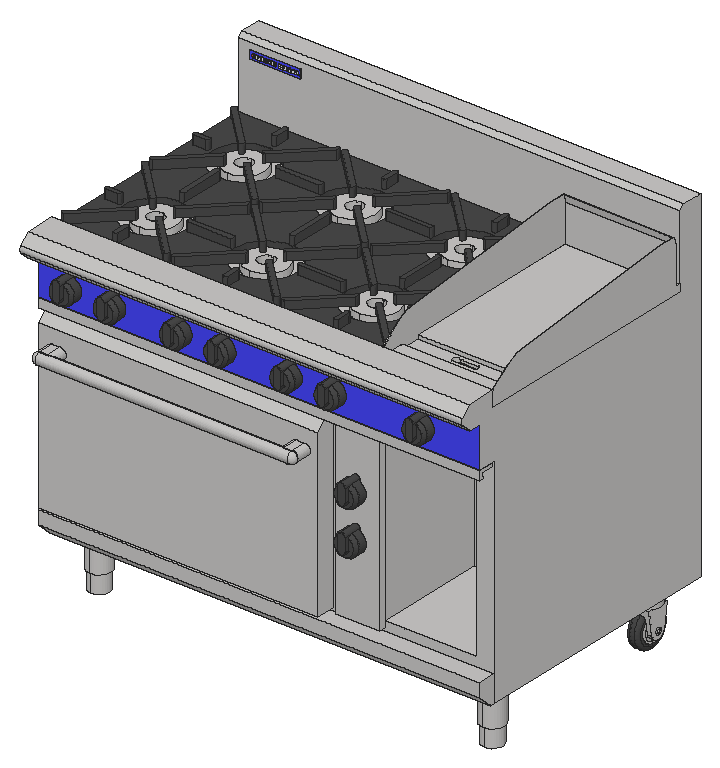
Revit family "QF_MOFFAT_BLUESEAL_CE_GE508C", category Specialty Equipment, Revit 2012 (continued)
Lines and regions (mm)
  symbolic lines
    curve 100: line (936.836, -45.185, 0) -> (1164.794, -45.185, 0)
    curve 101: arc (1164.794, -45.185, 0) -> (1173.455, -40.185, 0) -> (1173.455, -30.185, 0) r 10
    curve 102: line (1173.455, -30.185, 0) -> (1169.413, -23.185, 0)
    curve 103: arc (1169.413, -23.185, 0) -> (1165.753, -19.525, 0) -> (1160.753, -18.185, 0) r 10
    curve 104: line (632.794, -18.185, 0) -> (860.753, -18.185, 0)
    curve 105: arc (860.753, -18.185, 0) -> (865.753, -19.525, 0) -> (869.413, -23.185, 0) r 10
    curve 106: line (869.413, -23.185, 0) -> (873.455, -30.185, 0)
    curve 107: arc (873.455, -30.185, 0) -> (873.455, -40.185, 0) -> (864.794, -45.185, 0) r 10
    curve 108: line (864.794, -45.185, 0) -> (636.836, -45.185, 0)
    curve 109: arc (636.836, -45.185, 0) -> (631.836, -43.845, 0) -> (628.176, -40.185, 0) r 10
    curve 110: line (628.176, -40.185, 0) -> (624.134, -33.185, 0)
    curve 111: arc (624.134, -33.185, 0) -> (624.134, -23.185, 0) -> (632.794, -18.185, 0) r 10
    curve 112: line (332.794, -18.185, 0) -> (560.753, -18.185, 0)
    curve 113: arc (560.753, -18.185, 0) -> (565.753, -19.525, 0) -> (569.413, -23.185, 0) r 10
    curve 114: line (569.413, -23.185, 0) -> (573.455, -30.185, 0)
    curve 115: arc (573.455, -30.185, 0) -> (573.455, -40.185, 0) -> (564.794, -45.185, 0) r 10
    curve 116: line (564.794, -45.185, 0) -> (336.836, -45.185, 0)
    curve 117: arc (336.836, -45.185, 0) -> (331.836, -43.845, 0) -> (328.176, -40.185, 0) r 10
    curve 118: line (328.176, -40.185, 0) -> (324.134, -33.185, 0)
    curve 119: arc (324.134, -33.185, 0) -> (324.134, -23.185, 0) -> (332.794, -18.185, 0) r 10
    curve 120: line (260.753, -18.185, 0) -> (32.794, -18.185, 0)
    curve 121: arc (32.794, -18.185, 0) -> (24.134, -23.185, 0) -> (24.134, -33.185, 0) r 10
    curve 122: line (24.134, -33.185, 0) -> (28.176, -40.185, 0)
    curve 123: arc (28.176, -40.185, 0) -> (31.836, -43.845, 0) -> (36.836, -45.185, 0) r 10
    curve 124: line (36.836, -45.185, 0) -> (264.794, -45.185, 0)
    curve 125: arc (264.794, -45.185, 0) -> (273.455, -40.185, 0) -> (273.455, -30.185, 0) r 10
    curve 126: line (273.455, -30.185, 0) -> (269.413, -23.185, 0)
    curve 127: arc (269.413, -23.185, 0) -> (265.753, -19.525, 0) -> (260.753, -18.185, 0) r 10
    curve 128: line (0, -57.5, 0) -> (1200, -57.5, 0)
    curve 129: line (0, -783.97, 0) -> (1200, -783.97, 0)
  symbolic lines, style "QF_Door-Drawer Clearances", visible <- "Show Clearance"
    curve 65: line (0, -1218.847, 0) -> (760, -1218.847, 0)
    curve 66: line (760, -1218.847, 0) -> (760, -812, 0)
    curve 67: line (0, -1218.847, 0) -> (0, -812, 0)
Dimensions and locks
  equal spacing: plane 3 "LEFT", plane 7 "Center Y", plane 4 "RIGHT"
  "Width": plane 3 "LEFT" to plane 4 "RIGHT"
  equal spacing: plane 5 "FRONT", plane 8 "Center X", plane 1 "BACK"
  plane 5 "FRONT" to plane 1 "BACK" = 812 mm  (x2)
  equal spacing: plane 4 "RIGHT", plane 7 "Center Y", plane 3 "LEFT"
  plane 4 "RIGHT" to plane 3 "LEFT" = 1200 mm
  "Height": plane 6 "TOP" to level
  plane 10 to plane 1 "BACK" = 574.272 mm
  plane 12 to plane 1 "BACK" = 304.972 mm  (x2)
  plane 11 to plane 3 "LEFT" = 60 mm
  plane 14 to plane 3 "LEFT" = 74 mm
  plane 9 to plane 3 "LEFT" = 280 mm
  "Depth": plane 1 "BACK" to plane 15
  plane 5 "FRONT" to plane 15 = 0 mm
  plane 6 "TOP" to plane 2 = 970 mm
  plane 2 to Extrusion 1 sketch curve = 875 mm
  locked: plane 2 to Extrusion 1 sketch curve at 915
  locked: plane 4 "RIGHT" to plane 16 at 65.5
  Extrusion 8 sketch curve to plane 20 = 64.8 mm
  Extrusion 31 sketch curve to plane 4 "RIGHT" = 374 mm
  Extrusion 31 sketch curve to plane 1 "BACK" = 501 mm
  plane 21 to level = 1085 mm
  Revolve 35 sketch curve to Revolve 35 sketch curve = 50.8 mm
  Revolve 39 sketch curve to Revolve 39 sketch curve = 50.8 mm
  aligned and locked: level to plane 2
  aligned and locked: curve 3 to plane 4 "RIGHT"
  aligned and locked: Extrusion 1 to plane 4 "RIGHT"
  aligned and locked: plane 16 to Revolve 4
  aligned and locked: Extrusion 26 to Extrusion 2
Automatic sketch dimensions
  curve 22 to curve 23 = 0 mm  (x2)
  curve 22 to curve 68 = 0 mm  (x2)
  curve 22 to curve 69 = 0 mm  (x2)
  curve 22 to curve 84 = 0 mm  (x2)
  curve 22 to curve 85 = 0 mm  (x2)
  curve 23 to curve 68 = 0 mm  (x2)
  curve 23 to curve 69 = 0 mm  (x2)
  curve 23 to curve 84 = 0 mm  (x2)
  curve 23 to curve 85 = 0 mm  (x2)
  curve 24 to curve 25 = 0 mm  (x2)
  curve 24 to curve 90 = 0 mm  (x2)
  curve 24 to curve 91 = 0 mm  (x2)
  curve 25 to curve 90 = 0 mm  (x2)
  curve 25 to curve 91 = 0 mm  (x2)
  curve 31 to curve 32 = 0 mm  (x2)
  curve 31 to curve 70 = 0 mm  (x2)
  curve 31 to curve 71 = 0 mm  (x2)
  curve 31 to curve 86 = 0 mm  (x2)
  curve 31 to curve 87 = 0 mm  (x2)
  curve 32 to curve 70 = 0 mm  (x2)
  curve 32 to curve 71 = 0 mm  (x2)
  curve 32 to curve 86 = 0 mm  (x2)
  curve 32 to curve 87 = 0 mm  (x2)
  curve 33 to curve 34 = 0 mm  (x2)
  curve 33 to curve 76 = 0 mm  (x2)
  curve 33 to curve 77 = 0 mm  (x2)
  curve 33 to curve 88 = 0 mm  (x2)
  curve 33 to curve 89 = 0 mm  (x2)
  curve 34 to curve 76 = 0 mm  (x2)
  curve 34 to curve 77 = 0 mm  (x2)
  curve 34 to curve 88 = 0 mm  (x2)
  curve 34 to curve 89 = 0 mm  (x2)
  curve 61 to curve 62 = 0 mm  (x2)
  curve 61 to curve 92 = 0 mm  (x2)
  curve 61 to curve 93 = 0 mm  (x2)
  curve 62 to curve 92 = 0 mm  (x2)
  curve 62 to curve 93 = 0 mm  (x2)
  curve 63 to curve 64 = 0 mm  (x2)
  curve 63 to curve 94 = 0 mm  (x2)
  curve 63 to curve 95 = 0 mm  (x2)
  curve 64 to curve 94 = 0 mm  (x2)
  curve 64 to curve 95 = 0 mm  (x2)
  curve 68 to curve 69 = 0 mm  (x2)
  curve 68 to curve 84 = 0 mm  (x2)
  curve 68 to curve 85 = 0 mm  (x2)
  curve 69 to curve 84 = 0 mm  (x2)
  curve 69 to curve 85 = 0 mm  (x2)
  curve 70 to curve 71 = 0 mm  (x2)
  curve 70 to curve 86 = 0 mm  (x2)
  curve 70 to curve 87 = 0 mm  (x2)
  curve 71 to curve 86 = 0 mm  (x2)
  curve 71 to curve 87 = 0 mm  (x2)
  curve 72 to curve 73 = 0 mm  (x2)
  curve 74 to curve 75 = 0 mm  (x2)
  curve 76 to curve 77 = 0 mm  (x2)
  curve 76 to curve 88 = 0 mm  (x2)
  curve 76 to curve 89 = 0 mm  (x2)
  curve 77 to curve 88 = 0 mm  (x2)
  curve 77 to curve 89 = 0 mm  (x2)
  curve 78 to curve 79 = 0 mm  (x2)
  curve 84 to curve 85 = 0 mm  (x2)
  curve 86 to curve 87 = 0 mm  (x2)
  curve 88 to curve 89 = 0 mm  (x2)
  curve 90 to curve 91 = 0 mm  (x2)
  curve 92 to curve 93 = 0 mm  (x2)
  curve 94 to curve 95 = 0 mm  (x2)
  plane 1 "BACK" to curve 1 = 0 mm
  curve 1 to plane 3 "LEFT" = 0 mm
  plane 5 "FRONT" to curve 9 = 0 mm
  plane 22 to curve 80 = 0 mm
  curve 82 to plane 7 "Center Y" = 0 mm
  plane 3 "LEFT" to curve 12 = 6.08 mm
  plane 3 "LEFT" to curve 18 = 6.08 mm
  plane 3 "LEFT" to curve 14 = 6.83 mm
  plane 3 "LEFT" to curve 20 = 9.883 mm
  plane 3 "LEFT" to curve 60 = 14.678 mm
  plane 3 "LEFT" to curve 59 = 14.678 mm
  plane 3 "LEFT" to curve 9 = 22.65 mm
  curve 122 to plane 17 = 1.185 mm
  plane 3 "LEFT" to curve 122 = 24.134 mm
  curve 122 to plane 17 = 8.185 mm
  curve 121 to curve 122 = 4.041 mm
  plane 17 to curve 121 = 3.815 mm
  curve 121 to curve 121 = 8.66 mm
  curve 123 to plane 17 = 3.185 mm
  curve 121 to curve 123 = 4.041 mm
  curve 10 to plane 11 = 11.111 mm
  curve 59 to plane 11 = 10.322 mm
  curve 60 to plane 11 = 10.322 mm
  curve 9 to plane 11 = 9.192 mm
  plane 14 to curve 14 = 47.515 mm
  plane 10 to curve 20 = 8.826 mm
  plane 14 to curve 20 = 47.515 mm
  plane 14 to curve 12 = 47.515 mm
  plane 14 to curve 18 = 47.515 mm
  plane 14 to curve 53 = 75.197 mm
  curve 54 to plane 22 = 30.193 mm
  plane 14 to curve 54 = 75.197 mm
  curve 48 to plane 12 = 20.285 mm
  curve 14 to curve 48 = 28.103 mm
  curve 53 to curve 22 = 0.803 mm
  curve 24 to plane 10 = 20.228 mm
  curve 54 to curve 24 = 0.803 mm
  curve 72 to curve 24 = 0 mm
  plane 10 to curve 21 = 8.826 mm
  curve 90 to curve 21 = 28.485 mm
  curve 84 to curve 13 = 28.485 mm
  plane 12 to curve 15 = 39.794 mm
  curve 84 to curve 15 = 28.485 mm
  curve 90 to curve 19 = 28.485 mm
  curve 16 to plane 9 = 42.22 mm
  curve 17 to plane 9 = 42.22 mm
  curve 120 to plane 9 = 19.247 mm
  curve 124 to plane 9 = 15.206 mm
  curve 127 to curve 127 = 8.66 mm
  plane 17 to curve 125 = 1.815 mm
  curve 125 to plane 9 = 6.545 mm
  plane 9 to curve 21 = 11.622 mm
  plane 9 to curve 15 = 12.516 mm
  plane 9 to curve 13 = 13.92 mm
  plane 9 to curve 19 = 13.92 mm
  plane 9 to curve 80 = 20.232 mm
  plane 8 "Center X" to curve 40 = 7.845 mm
  curve 19 to curve 40 = 12.16 mm
  curve 13 to curve 26 = 12.16 mm
  curve 15 to curve 28 = 14.753 mm
  curve 21 to curve 42 = 16.756 mm
  curve 118 to plane 17 = 1.185 mm
  plane 9 to curve 118 = 44.134 mm
  curve 118 to plane 17 = 8.185 mm
  curve 118 to curve 118 = 4.041 mm
  plane 17 to curve 112 = 13.815 mm
  curve 119 to curve 112 = 8.66 mm
  curve 117 to curve 116 = 8.66 mm
  plane 9 to curve 16 = 82.78 mm
  plane 10 to curve 17 = 36.462 mm
  plane 9 to curve 17 = 82.78 mm
  plane 12 to curve 28 = 39.794 mm
  curve 16 to curve 28 = 58.735 mm
  curve 26 to curve 28 = 0 mm
  plane 10 to curve 42 = 8.826 mm
  curve 17 to curve 42 = 58.735 mm
  plane 10 to curve 40 = 64.183 mm
  curve 40 to curve 42 = 0 mm
  curve 26 to curve 55 = 27.682 mm
  curve 56 to plane 22 = 30.193 mm
  curve 42 to curve 56 = 27.682 mm
  curve 40 to curve 49 = 28.103 mm
  curve 40 to curve 61 = 28.485 mm
  curve 26 to curve 31 = 28.485 mm
  curve 49 to curve 75 = 0.382 mm
  plane 10 to curve 43 = 8.826 mm
  curve 92 to curve 43 = 28.485 mm
  curve 92 to curve 41 = 28.485 mm
  curve 86 to curve 27 = 28.485 mm
  plane 12 to curve 29 = 39.794 mm
  curve 86 to curve 29 = 28.485 mm
  curve 51 to plane 7 "Center Y" = 62.22 mm
  curve 30 to plane 7 "Center Y" = 62.22 mm
  plane 17 to curve 113 = 3.815 mm
  curve 113 to plane 7 "Center Y" = 39.247 mm
  curve 113 to curve 116 = 4.041 mm
  plane 17 to curve 113 = 8.815 mm
  plane 17 to curve 114 = 1.815 mm
  curve 113 to curve 114 = 4.041 mm
  curve 29 to plane 7 "Center Y" = 7.327 mm
  curve 43 to plane 7 "Center Y" = 6.445 mm
  curve 41 to plane 7 "Center Y" = 6.08 mm
  curve 27 to plane 7 "Center Y" = 6.08 mm
  plane 7 "Center Y" to curve 35 = 6.08 mm
  plane 7 "Center Y" to curve 44 = 6.08 mm
  plane 7 "Center Y" to curve 46 = 7.19 mm
  plane 7 "Center Y" to curve 37 = 7.348 mm
  curve 111 to plane 17 = 1.185 mm
  plane 7 "Center Y" to curve 111 = 24.134 mm
  curve 111 to curve 109 = 4.041 mm  (x2)
  plane 17 to curve 111 = 3.815 mm
  curve 111 to curve 111 = 8.66 mm
  curve 109 to plane 17 = 3.185 mm
  plane 7 "Center Y" to curve 30 = 62.78 mm
  plane 7 "Center Y" to curve 51 = 62.78 mm
  plane 5 "FRONT" to curve 11 = 14.544 mm
  plane 7 "Center Y" to curve 11 = 118.108 mm
  curve 51 to curve 44 = 58.735 mm
  plane 12 to curve 37 = 39.794 mm
  curve 30 to curve 37 = 58.735 mm
  curve 35 to curve 37 = 0 mm
  plane 10 to curve 46 = 8.826 mm
  curve 46 to curve 44 = 0 mm
  curve 10 to curve 11 = 25.191 mm
  curve 35 to curve 57 = 27.682 mm
  curve 46 to curve 58 = 27.682 mm
  curve 44 to curve 50 = 28.103 mm
  curve 44 to curve 78 = 28.485 mm
  curve 57 to curve 34 = 0.803 mm
  curve 94 to curve 78 = 0 mm
  curve 11 to curve 66 = 16.7 mm
  plane 10 to curve 47 = 8.826 mm
  curve 94 to curve 47 = 28.485 mm
  curve 88 to curve 36 = 28.485 mm
  plane 12 to curve 38 = 39.794 mm
  curve 88 to curve 38 = 28.485 mm
  plane 10 to curve 45 = 64.183 mm
  curve 95 to curve 45 = 28.485 mm
  curve 38 to curve 39 = 59.295 mm
  curve 47 to curve 52 = 59.295 mm
  curve 57 to curve 104 = 111.556 mm
  curve 107 to plane 17 = 3.185 mm
  curve 105 to curve 107 = 4.041 mm
  plane 17 to curve 106 = 8.815 mm
  curve 105 to curve 106 = 8.66 mm
  plane 17 to curve 106 = 1.815 mm
  curve 105 to curve 106 = 4.041 mm
  curve 47 to plane 22 = 24.95 mm
  curve 58 to curve 47 = 143.891 mm
  curve 38 to plane 13 = 15.641 mm
  curve 39 to curve 38 = 56.14 mm
  curve 36 to plane 17 = 62.387 mm
  curve 107 to curve 36 = 29.126 mm
  plane 8 "Center X" to curve 45 = 7.845 mm
  curve 45 to curve 38 = 0 mm
  curve 39 to curve 39 = 58.527 mm
  curve 52 to curve 52 = 58.637 mm
  curve 36 to curve 83 = 6.08 mm
  curve 98 to plane 17 = 1.185 mm
  curve 83 to curve 98 = 24.134 mm
  curve 97 to curve 99 = 4.041 mm  (x2)
  curve 97 to curve 97 = 8.66 mm
  curve 99 to plane 17 = 3.185 mm
  plane 17 to curve 96 = 13.815 mm
  plane 16 to curve 96 = 26.253 mm
  curve 103 to curve 101 = 4.041 mm
  plane 17 to curve 102 = 8.815 mm
  curve 103 to curve 102 = 8.66 mm
  plane 17 to curve 101 = 1.815 mm
  curve 102 to curve 101 = 4.041 mm
  curve 67 to curve 9 = 392.303 mm
  curve 129 to plane 5 "FRONT" = 28.03 mm
  plane 22 to curve 6 = 3.3 mm
  curve 43 to plane 22 = 24.484 mm
  curve 43 to curve 46 = 0.745 mm
  curve 21 to plane 22 = 26.417 mm
  curve 21 to curve 42 = 0 mm
  curve 20 to plane 22 = 27.922 mm
  curve 58 to plane 22 = 30.193 mm
  curve 58 to curve 58 = 40 mm
  curve 56 to curve 56 = 40 mm
  curve 54 to curve 54 = 40 mm
  curve 56 to curve 74 = 12.039 mm
  curve 54 to curve 73 = 12.039 mm
  curve 58 to curve 78 = 12.039 mm
  curve 64 to plane 10 = 20.228 mm
  curve 62 to plane 10 = 20.228 mm
  plane 10 to curve 90 = 14.772 mm
  plane 10 to curve 92 = 14.772 mm
  plane 10 to curve 94 = 14.772 mm
  plane 10 to curve 51 = 36.462 mm
  plane 10 to curve 52 = 36.462 mm
  curve 90 to curve 73 = 21.732 mm
  curve 95 to curve 78 = 21.732 mm
  curve 92 to curve 74 = 21.732 mm
  curve 78 to curve 95 = 0.268 mm
  curve 74 to curve 61 = 0.268 mm
  curve 72 to curve 24 = 0.268 mm
  plane 10 to curve 60 = 37.763 mm
  curve 91 to curve 18 = 5.411 mm
  curve 95 to curve 44 = 5.411 mm
  curve 92 to curve 41 = 5.411 mm
  curve 90 to curve 19 = 5.411 mm
  curve 73 to curve 48 = 2.51 mm
  curve 79 to curve 50 = 2.51 mm
  curve 75 to curve 49 = 2.51 mm
  plane 8 "Center X" to curve 18 = 7.845 mm
  plane 8 "Center X" to curve 41 = 7.845 mm
  plane 8 "Center X" to curve 19 = 7.845 mm
  plane 8 "Center X" to curve 44 = 7.845 mm
  curve 18 to curve 81 = 7.846 mm
  curve 81 to curve 14 = 10.445 mm
  curve 28 to plane 13 = 14.452 mm
  curve 29 to plane 13 = 14.394 mm
  curve 37 to plane 13 = 14.373 mm
  curve 15 to plane 13 = 14.238 mm
  curve 50 to plane 12 = 20.285 mm
  curve 49 to plane 12 = 20.285 mm
  curve 49 to curve 71 = 2.758 mm
  curve 48 to curve 69 = 2.758 mm
  curve 50 to curve 76 = 2.758 mm
  plane 12 to curve 23 = 10.472 mm
  plane 12 to curve 34 = 10.472 mm
  plane 12 to curve 32 = 10.472 mm
  plane 12 to curve 14 = 39.794 mm
  curve 14 to curve 85 = 5.678 mm
  curve 29 to curve 87 = 5.678 mm
  curve 37 to curve 89 = 5.678 mm
  plane 12 to curve 39 = 67.162 mm
  curve 37 to curve 30 = 27.368 mm
  curve 15 to curve 16 = 27.368 mm
  curve 88 to curve 89 = 22 mm
  curve 86 to curve 32 = 22 mm
  curve 84 to curve 68 = 22 mm
  plane 12 to curve 59 = 68.463 mm
  curve 86 to curve 27 = 5.678 mm
  curve 84 to curve 13 = 5.678 mm
  curve 89 to curve 35 = 5.678 mm
  curve 88 to curve 36 = 5.678 mm
  curve 85 to curve 12 = 5.678 mm
  curve 87 to curve 26 = 5.678 mm
  curve 77 to curve 57 = 12.693 mm
  curve 71 to curve 55 = 12.693 mm
  curve 68 to curve 53 = 12.693 mm
  curve 53 to curve 53 = 45 mm
  curve 55 to curve 55 = 45 mm
  curve 57 to curve 57 = 45 mm
  curve 35 to curve 109 = 49.201 mm
  curve 13 to curve 125 = 49.201 mm
  curve 13 to curve 26 = 0 mm
  curve 27 to curve 35 = 0 mm
  curve 12 to curve 123 = 49.201 mm
  curve 35 to curve 82 = 21.653 mm
  curve 8 to curve 4 = 2.734 mm
  curve 4 to curve 128 = 12.5 mm
  curve 117 to curve 117 = 5 mm
  curve 99 to curve 99 = 10 mm
  plane 17 to curve 127 = 3.815 mm
  Extrusion 1 sketch curve to plane 22 = 0 mm
  Extrusion 1 sketch curve to plane 21 = 0 mm
  Extrusion 1 sketch curve to plane 1 "BACK" = 0 mm
  plane 22 to Extrusion 1 sketch curve = 2.93 mm
  plane 22 to Extrusion 1 sketch curve = 8 mm
  plane 22 to Extrusion 1 sketch curve = 35.224 mm
  Extrusion 1 sketch curve to Extrusion 1 sketch curve = 2.389 mm
  plane 22 to Extrusion 1 sketch curve = 44 mm  (x2)
  Extrusion 1 sketch curve to Extrusion 1 sketch curve = 0 mm  (x2)
  Extrusion 1 sketch curve to plane 5 "FRONT" = 28.03 mm
  Extrusion 1 sketch curve to plane 5 "FRONT" = 27.03 mm
  Extrusion 1 sketch curve to plane 5 "FRONT" = 11.991 mm
  Extrusion 1 sketch curve to plane 5 "FRONT" = 3.51 mm  (x2)
  Extrusion 1 sketch curve to plane 22 = 1.8 mm
  Extrusion 1 sketch curve to Extrusion 1 sketch curve = 4.2 mm
  Extrusion 1 sketch curve to plane 21 = 12.5 mm
  Extrusion 1 sketch curve to plane 17 = 38 mm
  Extrusion 1 sketch curve to Extrusion 1 sketch curve = 12.5 mm
  Extrusion 1 sketch curve to Extrusion 1 sketch curve = 41.48 mm
  Extrusion 1 sketch curve to Extrusion 1 sketch curve = 23.52 mm
  plane 18 to Extrusion 1 sketch curve = 85 mm
  Extrusion 1 sketch curve to Extrusion 1 sketch curve = 2.216 mm
  Extrusion 1 sketch curve to Extrusion 1 sketch curve = 7.004 mm
  Extrusion 1 sketch curve to Extrusion 1 sketch curve = 16.999 mm
  level to Extrusion 1 sketch curve = 222.5 mm
  Extrusion 1 sketch curve to Extrusion 1 sketch curve = 36.5 mm
  Extrusion 1 sketch curve to Extrusion 1 sketch curve = 36 mm
  Extrusion 1 sketch curve to Extrusion 1 sketch curve = 8.48 mm
  plane 22 to Extrusion 2 sketch curve = 44 mm
  plane 22 to Extrusion 2 sketch curve = 20 mm
  Extrusion 2 sketch curve to plane 22 = 6 mm
  level to Extrusion 2 sketch curve = 227.5 mm
  plane 18 to Extrusion 2 sketch curve = 21 mm
  plane 18 to Extrusion 2 sketch curve = 45 mm
  plane 22 to Extrusion 3 sketch curve = 9 mm
  Extrusion 3 sketch curve to plane 22 = 6 mm
  level to Extrusion 3 sketch curve = 227.5 mm
  plane 18 to Extrusion 3 sketch curve = 45 mm
  Revolve 4 sketch curve to level = 0 mm
  Revolve 4 sketch curve to plane 22 = 48.25 mm
  Revolve 4 sketch curve to Revolve 4 sketch curve = 4.25 mm
  Revolve 4 sketch curve to Revolve 4 sketch curve = 27.5 mm  (x2)
  level to Revolve 4 sketch curve = 50 mm
  Revolve 4 sketch curve to Revolve 4 sketch curve = 0 mm
  Revolve 4 sketch curve to Revolve 4 sketch curve = 100 mm
  Revolve 4 sketch curve to Revolve 4 sketch curve = 55 mm
  Revolve 5 sketch curve to level = 0 mm
  Revolve 5 sketch curve to plane 22 = 48.25 mm
  Revolve 5 sketch curve to Revolve 5 sketch curve = 4.25 mm
  Revolve 5 sketch curve to Revolve 5 sketch curve = 27.5 mm  (x2)
  Revolve 5 sketch curve to level = 55 mm
  Revolve 5 sketch curve to Revolve 5 sketch curve = 50 mm
  Revolve 5 sketch curve to Revolve 5 sketch curve = 0 mm
  Revolve 5 sketch curve to Revolve 5 sketch curve = 100 mm
  Extrusion 6 sketch curve to plane 17 = 0 mm
  Extrusion 6 sketch curve to plane 16 = 64.5 mm
  Extrusion 1 to Extrusion 7 sketch curve = 60.219 mm
  Extrusion 1 to Extrusion 7 sketch curve = 96 mm
  Extrusion 7 sketch curve to Extrusion 1 = 50 mm
  Extrusion 7 sketch curve to Extrusion 7 sketch curve = 250 mm
  plane 22 to Extrusion 8 sketch curve = 0 mm
  Extrusion 8 sketch curve to plane 22 = 3 mm  (x2)
  plane 10 to Extrusion 8 sketch curve = 36.504 mm  (x3)
  plane 12 to Extrusion 8 sketch curve = 67.472 mm  (x3)
  Extrusion 8 sketch curve to plane 17 = 42 mm  (x2)
  plane 3 "LEFT" to Extrusion 8 sketch curve = 4 mm
  plane 14 to Extrusion 8 sketch curve = 76 mm  (x2)
  Extrusion 8 sketch curve to plane 7 "Center Y" = 150 mm  (x2)
  plane 7 "Center Y" to Extrusion 8 sketch curve = 150 mm  (x2)
  Extrusion 8 sketch curve to Extrusion 8 sketch curve = 147 mm
  Extrusion 9 sketch curve to plane 17 = 61.602 mm  (x4)
  plane 9 to Extrusion 9 sketch curve = 4.847 mm  (x3)
  Extrusion 9 sketch curve to Extrusion 9 sketch curve = 0 mm  (x15)
  plane 3 "LEFT" to Extrusion 9 sketch curve = 15.153 mm
  Extrusion 9 sketch curve to plane 7 "Center Y" = 15.153 mm  (x3)
  plane 7 "Center Y" to Extrusion 9 sketch curve = 15.153 mm
  Extrusion 9 sketch curve to Extrusion 9 sketch curve = 4.525 mm  (x36)
  Extrusion 9 sketch curve to plane 17 = 67.398 mm  (x3)
  Extrusion 9 sketch curve to Extrusion 9 sketch curve = 36.204 mm  (x3)
  Extrusion 9 sketch curve to Extrusion 9 sketch curve = 65.923 mm  (x3)
  Extrusion 9 sketch curve to plane 11 = 9.416 mm  (x2)
  Extrusion 9 sketch curve to Extrusion 9 sketch curve = 19.533 mm
  Extrusion 9 sketch curve to Extrusion 9 sketch curve = 20.524 mm  (x11)
  Extrusion 9 sketch curve to Extrusion 9 sketch curve = 6.4 mm  (x17)
  plane 12 to Extrusion 9 sketch curve = 40.548 mm  (x6)
  Extrusion 9 sketch curve to plane 12 = 24.426 mm  (x3)
  Extrusion 9 sketch curve to plane 13 = 7.374 mm  (x6)
  plane 8 "Center X" to Extrusion 9 sketch curve = 8.898 mm  (x6)
  plane 8 "Center X" to Extrusion 9 sketch curve = 4.372 mm  (x6)
  Extrusion 9 sketch curve to plane 8 "Center X" = 43.102 mm  (x3)
  Extrusion 9 sketch curve to Extrusion 9 sketch curve = 55.923 mm  (x9)
  plane 10 to Extrusion 9 sketch curve = 43.646 mm
  plane 10 to Extrusion 9 sketch curve = 43.172 mm  (x3)
  plane 10 to Extrusion 9 sketch curve = 9.848 mm  (x6)
  plane 10 to Extrusion 9 sketch curve = 5.323 mm  (x6)
  Extrusion 9 sketch curve to plane 10 = 65.126 mm  (x3)
  plane 9 to Extrusion 9 sketch curve = 13.898 mm
  Extrusion 9 sketch curve to plane 22 = 32.653 mm  (x4)
  plane 7 "Center Y" to Extrusion 9 sketch curve = 6.102 mm  (x3)
  Extrusion 9 sketch curve to plane 7 "Center Y" = 6.102 mm
  plane 3 "LEFT" to Extrusion 9 sketch curve = 6.102 mm  (x3)
  Extrusion 9 sketch curve to plane 22 = 29.398 mm  (x3)
  plane 3 "LEFT" to Extrusion 9 sketch curve = 16.591 mm  (x2)
  plane 14 to Extrusion 9 sketch curve = 40.025 mm  (x4)
  plane 14 to Extrusion 9 sketch curve = 69.6 mm
  Extrusion 9 sketch curve to Extrusion 9 sketch curve = 53.847 mm  (x12)
  Extrusion 9 sketch curve to plane 9 = 38.102 mm  (x2)
  Extrusion 9 sketch curve to Extrusion 9 sketch curve = 12.205 mm  (x4)
  plane 9 to Extrusion 9 sketch curve = 78.102 mm  (x2)
  Extrusion 9 sketch curve to plane 7 "Center Y" = 58.102 mm  (x2)
  plane 7 "Center Y" to Extrusion 9 sketch curve = 58.102 mm  (x2)
  Extrusion 9 sketch curve to Extrusion 9 sketch curve = 128.447 mm  (x3)
  Extrusion 9 sketch curve to Extrusion 9 sketch curve = 49.974 mm  (x2)
  Revolve 10 sketch curve to plane 5 "FRONT" = 19 mm
  Revolve 10 sketch curve to Revolve 10 sketch curve = 0 mm  (x2)
  Revolve 10 sketch curve to Revolve 10 sketch curve = 11 mm
  Revolve 10 sketch curve to Revolve 10 sketch curve = 12.7 mm
  Revolve 10 sketch curve to Revolve 10 sketch curve = 23 mm
  Revolve 10 sketch curve to Revolve 10 sketch curve = 10 mm
  plane 18 to Revolve 10 sketch curve = 141.882 mm
  Revolve 10 sketch curve to Revolve 10 sketch curve = 5 mm
  Revolve 10 sketch curve to Revolve 10 sketch curve = 26.651 mm
  Revolve 10 sketch curve to Revolve 10 sketch curve = 5.849 mm
  Revolve 11 sketch curve to plane 5 "FRONT" = 19 mm
  Revolve 11 sketch curve to Revolve 11 sketch curve = 0 mm  (x2)
  Revolve 11 sketch curve to Revolve 11 sketch curve = 11 mm
  Revolve 11 sketch curve to Revolve 11 sketch curve = 12.7 mm
  Revolve 11 sketch curve to Revolve 11 sketch curve = 23 mm
  Revolve 11 sketch curve to Revolve 11 sketch curve = 10 mm
  plane 18 to Revolve 11 sketch curve = 141.882 mm
  Revolve 11 sketch curve to Revolve 11 sketch curve = 5 mm
  Revolve 11 sketch curve to Revolve 11 sketch curve = 26.651 mm
  Revolve 11 sketch curve to Revolve 11 sketch curve = 5.849 mm
  Revolve 12 sketch curve to plane 5 "FRONT" = 19 mm
  Revolve 12 sketch curve to Revolve 12 sketch curve = 0 mm  (x2)
  Revolve 12 sketch curve to Revolve 12 sketch curve = 11 mm
  Revolve 12 sketch curve to Revolve 12 sketch curve = 12.7 mm
  Revolve 12 sketch curve to Revolve 12 sketch curve = 23 mm
  Revolve 12 sketch curve to Revolve 12 sketch curve = 10 mm
  Revolve 12 sketch curve to plane 6 "TOP" = 140.618 mm
  Revolve 12 sketch curve to Revolve 12 sketch curve = 5.849 mm
  Revolve 12 sketch curve to Revolve 12 sketch curve = 27.5 mm
  Revolve 12 sketch curve to Revolve 12 sketch curve = 5 mm
  Revolve 13 sketch curve to plane 5 "FRONT" = 19 mm
  Revolve 13 sketch curve to Revolve 13 sketch curve = 0 mm  (x2)
  Revolve 13 sketch curve to Revolve 13 sketch curve = 11 mm
  Revolve 13 sketch curve to Revolve 13 sketch curve = 12.7 mm
  Revolve 13 sketch curve to Revolve 13 sketch curve = 23 mm
  Revolve 13 sketch curve to Revolve 13 sketch curve = 10 mm
  Revolve 13 sketch curve to plane 6 "TOP" = 140.618 mm
  Revolve 13 sketch curve to Revolve 13 sketch curve = 5.849 mm
  Revolve 13 sketch curve to Revolve 13 sketch curve = 27.5 mm
  Revolve 13 sketch curve to Revolve 13 sketch curve = 5 mm
  Revolve 14 sketch curve to plane 5 "FRONT" = 19 mm
  Revolve 14 sketch curve to Revolve 14 sketch curve = 0 mm  (x2)
  Revolve 14 sketch curve to Revolve 14 sketch curve = 11 mm
  Revolve 14 sketch curve to Revolve 14 sketch curve = 12.7 mm
  Revolve 14 sketch curve to Revolve 14 sketch curve = 23 mm
  Revolve 14 sketch curve to Revolve 14 sketch curve = 10 mm
  Revolve 14 sketch curve to plane 6 "TOP" = 140.618 mm
  Revolve 14 sketch curve to Revolve 14 sketch curve = 5.849 mm
  Revolve 14 sketch curve to Revolve 14 sketch curve = 27.5 mm
  Revolve 14 sketch curve to Revolve 14 sketch curve = 5 mm
  Revolve 15 sketch curve to plane 5 "FRONT" = 19 mm
  Revolve 15 sketch curve to Revolve 15 sketch curve = 0 mm  (x2)
  Revolve 15 sketch curve to Revolve 15 sketch curve = 11 mm
  Revolve 15 sketch curve to Revolve 15 sketch curve = 12.7 mm
  Revolve 15 sketch curve to Revolve 15 sketch curve = 23 mm
  Revolve 15 sketch curve to Revolve 15 sketch curve = 10 mm
  Revolve 15 sketch curve to plane 6 "TOP" = 140.618 mm
  Revolve 15 sketch curve to Revolve 15 sketch curve = 5.849 mm
  Revolve 15 sketch curve to Revolve 15 sketch curve = 27.5 mm
  Revolve 15 sketch curve to Revolve 15 sketch curve = 5 mm
  Revolve 16 sketch curve to plane 5 "FRONT" = 19 mm
  Revolve 16 sketch curve to Revolve 16 sketch curve = 0 mm  (x2)
  Revolve 16 sketch curve to Revolve 16 sketch curve = 11 mm
  Revolve 16 sketch curve to Revolve 16 sketch curve = 12.7 mm
  Revolve 16 sketch curve to Revolve 16 sketch curve = 23 mm
  Revolve 16 sketch curve to Revolve 16 sketch curve = 10 mm
  plane 18 to Revolve 16 sketch curve = 141.882 mm
  Revolve 16 sketch curve to Revolve 16 sketch curve = 5 mm
  Revolve 16 sketch curve to Revolve 16 sketch curve = 26.651 mm
  Revolve 16 sketch curve to Revolve 16 sketch curve = 5.849 mm
  plane 14 to Extrusion 17 sketch curve = 26.156 mm
  Extrusion 17 sketch curve to Extrusion 17 sketch curve = 10 mm
  Extrusion 17 sketch curve to plane 6 "TOP" = 146.118 mm
  Extrusion 17 sketch curve to Extrusion 17 sketch curve = 35 mm
  Extrusion 18 sketch curve to plane 9 = 59.844 mm
  Extrusion 18 sketch curve to Extrusion 18 sketch curve = 10 mm
  Extrusion 18 sketch curve to plane 6 "TOP" = 146.118 mm
  Extrusion 18 sketch curve to Extrusion 18 sketch curve = 35 mm
  plane 9 to Extrusion 19 sketch curve = 120.132 mm
  Extrusion 19 sketch curve to Extrusion 19 sketch curve = 10 mm
  Extrusion 19 sketch curve to plane 6 "TOP" = 146.118 mm
  Extrusion 19 sketch curve to Extrusion 19 sketch curve = 35 mm
  Extrusion 20 sketch curve to plane 7 "Center Y" = 79.868 mm
  Extrusion 20 sketch curve to Extrusion 20 sketch curve = 10 mm
  Extrusion 20 sketch curve to plane 6 "TOP" = 146.118 mm
  Extrusion 20 sketch curve to Extrusion 20 sketch curve = 35 mm
  plane 7 "Center Y" to Extrusion 21 sketch curve = 100.108 mm
  Extrusion 21 sketch curve to Extrusion 21 sketch curve = 10 mm
  Extrusion 21 sketch curve to plane 6 "TOP" = 146.118 mm
  Extrusion 21 sketch curve to Extrusion 21 sketch curve = 35 mm
  plane 7 "Center Y" to Extrusion 22 sketch curve = 220.108 mm
  Extrusion 22 sketch curve to Extrusion 22 sketch curve = 10 mm
  Extrusion 22 sketch curve to plane 6 "TOP" = 146.118 mm
  Extrusion 22 sketch curve to Extrusion 22 sketch curve = 35 mm
  Extrusion 23 sketch curve to plane 16 = 74.993 mm
  Extrusion 23 sketch curve to Extrusion 23 sketch curve = 10 mm
  Extrusion 23 sketch curve to plane 6 "TOP" = 146.118 mm
  Extrusion 23 sketch curve to Extrusion 23 sketch curve = 35 mm
  plane 22 to Revolve 24 sketch curve = 53 mm
  Revolve 24 sketch curve to Revolve 24 sketch curve = 0 mm  (x2)
  Revolve 24 sketch curve to Revolve 24 sketch curve = 11 mm
  Revolve 24 sketch curve to Revolve 24 sketch curve = 12.7 mm
  plane 22 to Revolve 24 sketch curve = 19 mm
  plane 22 to Revolve 24 sketch curve = 9 mm
  Revolve 24 sketch curve to plane 18 = 104.368 mm
  Revolve 24 sketch curve to Revolve 24 sketch curve = 5 mm
  Revolve 24 sketch curve to Revolve 24 sketch curve = 26.651 mm
  Revolve 24 sketch curve to Revolve 24 sketch curve = 5.849 mm
  plane 7 "Center Y" to Extrusion 25 sketch curve = 227.344 mm
  Extrusion 25 sketch curve to Extrusion 25 sketch curve = 10 mm
  Extrusion 25 sketch curve to plane 18 = 112.368 mm
  Extrusion 25 sketch curve to Extrusion 25 sketch curve = 35 mm
  Extrusion 26 sketch curve to Extrusion 2 = 0 mm  (x2)
  Extrusion 26 sketch curve to Extrusion 26 sketch curve = 469.847 mm
  Extrusion 27 sketch curve to plane 16 = 0.512 mm
  Extrusion 27 sketch curve to Extrusion 27 sketch curve = 81 mm
  Extrusion 27 sketch curve to plane 17 = 6.76 mm
  Extrusion 27 sketch curve to Extrusion 27 sketch curve = 48.5 mm
  Extrusion 27 sketch curve to plane 1 "BACK" = 30.24 mm
  Extrusion 27 sketch curve to plane 17 = 55.26 mm
  Extrusion 28 sketch curve to plane 11 = 1.472 mm
  Extrusion 28 sketch curve to plane 18 = 46.875 mm  (x2)
  Extrusion 28 sketch curve to Extrusion 28 sketch curve = 15 mm  (x2)
  plane 7 "Center Y" to Extrusion 28 sketch curve = 102.757 mm
  Extrusion 28 sketch curve to Extrusion 28 sketch curve = 20.282 mm  (x2)
  Revolve 29 sketch curve to plane 3 "LEFT" = 6.961 mm
  plane 3 "LEFT" to Revolve 29 sketch curve = 23.246 mm
  Revolve 29 sketch curve to plane 18 = 16.875 mm
  Revolve 29 sketch curve to Revolve 29 sketch curve = 15 mm
  Revolve 29 sketch curve to plane 7 "Center Y" = 11.961 mm
  plane 7 "Center Y" to Revolve 29 sketch curve = 123.039 mm
  Revolve 29 sketch curve to Revolve 29 sketch curve = 0 mm
  Extrusion 30 sketch curve to Extrusion 30 sketch curve = 0 mm  (x14)
  Extrusion 1 to Extrusion 30 sketch curve = 167.5 mm  (x3)
  Extrusion 30 sketch curve to Extrusion 1 = 167.5 mm  (x3)
  Extrusion 1 to Extrusion 30 sketch curve = 150 mm  (x2)
  Extrusion 30 sketch curve to Extrusion 30 sketch curve = 300 mm  (x2)
  Split face 1 sketch curve to cut or joined group of Extrusion 1, Extrusion 7, Extrusion 27 = 27.315 mm
  Split face 1 sketch curve to cut or joined group of Extrusion 1, Extrusion 7, Extrusion 27 = 273.455 mm
  Split face 1 sketch curve to cut or joined group of Extrusion 1, Extrusion 7, Extrusion 27 = 23.185 mm
  Split face 1 sketch curve to Split face 1 sketch curve = 4.041 mm  (x4)
  Split face 1 sketch curve to Split face 1 sketch curve = 8.66 mm  (x2)
  Split face 1 sketch curve to cut or joined group of Extrusion 1, Extrusion 7, Extrusion 27 = 22.315 mm
  Split face 1 sketch curve to cut or joined group of Extrusion 1, Extrusion 7, Extrusion 27 = 36.836 mm
  Split face 1 sketch curve to Split face 1 sketch curve = 17 mm
  Split face 1 sketch curve to Split face 1 sketch curve = 7 mm  (x2)
  Split face 2 sketch curve to cut or joined group of Extrusion 1, Extrusion 7, Extrusion 27 = 27.315 mm
  Split face 2 sketch curve to cut or joined group of Extrusion 1, Extrusion 7, Extrusion 27 = 573.455 mm
  Split face 2 sketch curve to cut or joined group of Extrusion 1, Extrusion 7, Extrusion 27 = 23.185 mm
  Split face 2 sketch curve to Split face 2 sketch curve = 4.041 mm  (x4)
  Split face 2 sketch curve to Split face 2 sketch curve = 8.66 mm  (x2)
  Split face 2 sketch curve to cut or joined group of Extrusion 1, Extrusion 7, Extrusion 27 = 22.315 mm
  Split face 2 sketch curve to Split face 2 sketch curve = 223.917 mm
  Split face 2 sketch curve to cut or joined group of Extrusion 1, Extrusion 7, Extrusion 27 = 17.315 mm
  Split face 2 sketch curve to Split face 2 sketch curve = 17 mm
  Split face 2 sketch curve to Split face 2 sketch curve = 7 mm
  Split face 3 sketch curve to cut or joined group of Extrusion 1, Extrusion 7, Extrusion 27 = 27.315 mm
  Split face 3 sketch curve to cut or joined group of Extrusion 1, Extrusion 7, Extrusion 27 = 326.545 mm
  Split face 3 sketch curve to cut or joined group of Extrusion 1, Extrusion 7, Extrusion 27 = 23.185 mm
  Split face 3 sketch curve to Split face 3 sketch curve = 4.041 mm  (x4)
  Split face 3 sketch curve to Split face 3 sketch curve = 8.66 mm  (x2)
  Split face 3 sketch curve to cut or joined group of Extrusion 1, Extrusion 7, Extrusion 27 = 22.315 mm
  Split face 3 sketch curve to Split face 3 sketch curve = 223.917 mm
  Split face 3 sketch curve to cut or joined group of Extrusion 1, Extrusion 7, Extrusion 27 = 17.315 mm
  Split face 3 sketch curve to Split face 3 sketch curve = 17 mm
  Split face 3 sketch curve to Split face 3 sketch curve = 7 mm
  Split face 4 sketch curve to cut or joined group of Extrusion 1, Extrusion 7, Extrusion 27 = 26.545 mm
  Split face 4 sketch curve to Split face 4 sketch curve = 4.041 mm  (x4)
  Split face 4 sketch curve to Split face 4 sketch curve = 8.66 mm  (x2)
  Split face 4 sketch curve to cut or joined group of Extrusion 1, Extrusion 7, Extrusion 27 = 22.315 mm
  Split face 4 sketch curve to Split face 4 sketch curve = 223.917 mm
  Split face 4 sketch curve to cut or joined group of Extrusion 1, Extrusion 7, Extrusion 27 = 17.315 mm
  Split face 4 sketch curve to Split face 4 sketch curve = 10 mm
  Split face 4 sketch curve to Split face 4 sketch curve = 7 mm  (x3)
  Extrusion 32 sketch curve to plane 17 = 99.75 mm
  Extrusion 32 sketch curve to Extrusion 32 sketch curve = 12.357 mm
  Extrusion 32 sketch curve to Extrusion 32 sketch curve = 19.393 mm  (x2)
  level to Extrusion 32 sketch curve = 45.111 mm
  Extrusion 32 sketch curve to plane 17 = 36.25 mm
  Extrusion 32 sketch curve to Extrusion 32 sketch curve = 4.889 mm
  Extrusion 32 sketch curve to Extrusion 32 sketch curve = 64.889 mm
  Revolve 33 sketch curve to plane 17 = 103.75 mm
  Revolve 33 sketch curve to plane 17 = 68 mm
  Revolve 33 sketch curve to Revolve 33 sketch curve = 35.75 mm
  Revolve 33 sketch curve to level = 55 mm
  level to Revolve 33 sketch curve = 50 mm
  Revolve 33 sketch curve to Revolve 33 sketch curve = 60 mm
  Revolve 33 sketch curve to Revolve 33 sketch curve = 40 mm
  Revolve 34 sketch curve to plane 17 = 103.75 mm
  Revolve 34 sketch curve to plane 17 = 68 mm
  Revolve 34 sketch curve to Revolve 34 sketch curve = 35.75 mm
  level to Revolve 34 sketch curve = 150 mm
  Revolve 34 sketch curve to Revolve 34 sketch curve = 40 mm
  level to Revolve 34 sketch curve = 50 mm
  Revolve 34 sketch curve to level = 55 mm
  Revolve 35 sketch curve to plane 16 = 34.382 mm
  Revolve 35 sketch curve to Revolve 35 sketch curve = 1.27 mm  (x4)
  Revolve 35 sketch curve to Revolve 35 sketch curve = 1.524 mm  (x2)
  Revolve 35 sketch curve to Revolve 35 sketch curve = 12.146 mm  (x2)
  Revolve 35 sketch curve to plane 16 = 16.68 mm
  Revolve 35 sketch curve to Revolve 35 sketch curve = 0.794 mm  (x2)
  Revolve 35 sketch curve to Revolve 35 sketch curve = 3.57 mm
  Revolve 35 sketch curve to Revolve 35 sketch curve = 2.143 mm
  Revolve 35 sketch curve to plane 16 = 6.361 mm
  plane 16 to Revolve 35 sketch curve = 5.13 mm
  plane 16 to Revolve 35 sketch curve = 6.339 mm
  plane 16 to Revolve 35 sketch curve = 14.515 mm
  Revolve 35 sketch curve to Revolve 35 sketch curve = 1.349 mm  (x2)
  Revolve 35 sketch curve to Revolve 35 sketch curve = 3.556 mm
  Revolve 35 sketch curve to plane 4 "RIGHT" = 2.18 mm
  level to Revolve 35 sketch curve = 50.8 mm
  Revolve 35 sketch curve to Revolve 35 sketch curve = 0 mm
  Revolve 35 sketch curve to Revolve 35 sketch curve = 3.505 mm  (x2)
  Revolve 35 sketch curve to Revolve 35 sketch curve = 3.447 mm  (x2)
  Revolve 35 sketch curve to Revolve 35 sketch curve = 9.964 mm
  Revolve 35 sketch curve to Revolve 35 sketch curve = 10.045 mm
  Revolve 35 sketch curve to Revolve 35 sketch curve = 2.053 mm
  Revolve 35 sketch curve to Revolve 35 sketch curve = 2.061 mm
  Revolve 35 sketch curve to Revolve 35 sketch curve = 8.247 mm
  Revolve 35 sketch curve to Revolve 35 sketch curve = 8.336 mm
  Revolve 35 sketch curve to Revolve 35 sketch curve = 6.35 mm  (x2)
  Extrusion 36 sketch curve to plane 17 = 99.75 mm
  Extrusion 36 sketch curve to Extrusion 36 sketch curve = 12.357 mm
  Extrusion 36 sketch curve to Extrusion 36 sketch curve = 19.393 mm  (x2)
  level to Extrusion 36 sketch curve = 45.111 mm
  Extrusion 36 sketch curve to plane 17 = 36.25 mm
  Extrusion 36 sketch curve to Extrusion 36 sketch curve = 4.889 mm
  Extrusion 36 sketch curve to Extrusion 36 sketch curve = 64.889 mm
  Revolve 37 sketch curve to level = 0 mm
  Revolve 37 sketch curve to plane 17 = 99.75 mm
  Revolve 37 sketch curve to Revolve 37 sketch curve = 4.25 mm
  Revolve 37 sketch curve to Revolve 37 sketch curve = 27.5 mm  (x2)
  Revolve 37 sketch curve to level = 55 mm
  Revolve 37 sketch curve to Revolve 37 sketch curve = 50 mm
  Revolve 37 sketch curve to Revolve 37 sketch curve = 0 mm
  Revolve 37 sketch curve to Revolve 37 sketch curve = 100 mm
  Revolve 38 sketch curve to level = 0 mm
  Revolve 38 sketch curve to plane 17 = 99.75 mm
  Revolve 38 sketch curve to Revolve 38 sketch curve = 4.25 mm
  Revolve 38 sketch curve to Revolve 38 sketch curve = 27.5 mm  (x2)
  level to Revolve 38 sketch curve = 50 mm
  Revolve 38 sketch curve to Revolve 38 sketch curve = 0 mm
  Revolve 38 sketch curve to Revolve 38 sketch curve = 100 mm
  Revolve 38 sketch curve to Revolve 38 sketch curve = 55 mm
  plane 14 to Revolve 39 sketch curve = 25.382 mm
  Revolve 39 sketch curve to Revolve 39 sketch curve = 1.27 mm  (x4)
  Revolve 39 sketch curve to Revolve 39 sketch curve = 1.524 mm  (x2)
  plane 14 to Revolve 39 sketch curve = 10.442 mm
  plane 14 to Revolve 39 sketch curve = 7.68 mm
  Revolve 39 sketch curve to Revolve 39 sketch curve = 0.794 mm  (x2)
  Revolve 39 sketch curve to Revolve 39 sketch curve = 3.57 mm
  Revolve 39 sketch curve to Revolve 39 sketch curve = 2.143 mm
  Revolve 39 sketch curve to plane 14 = 2.639 mm
  Revolve 39 sketch curve to plane 11 = 0.13 mm
  Revolve 39 sketch curve to plane 11 = 1.339 mm
  Revolve 39 sketch curve to plane 11 = 9.515 mm
  Revolve 39 sketch curve to Revolve 39 sketch curve = 1.349 mm  (x2)
  Revolve 39 sketch curve to Revolve 39 sketch curve = 3.556 mm
  Revolve 39 sketch curve to Revolve 39 sketch curve = 12.146 mm
  Revolve 39 sketch curve to plane 3 "LEFT" = 2.68 mm
  level to Revolve 39 sketch curve = 101.6 mm
  Revolve 39 sketch curve to Revolve 39 sketch curve = 6.35 mm  (x4)
  Revolve 39 sketch curve to Revolve 39 sketch curve = 8.247 mm
  Revolve 39 sketch curve to Revolve 39 sketch curve = 8.336 mm
  Revolve 39 sketch curve to Revolve 39 sketch curve = 2.061 mm
  Revolve 39 sketch curve to Revolve 39 sketch curve = 2.053 mm
  Revolve 39 sketch curve to Revolve 39 sketch curve = 10.045 mm
  Revolve 39 sketch curve to Revolve 39 sketch curve = 9.964 mm
  Revolve 39 sketch curve to Revolve 39 sketch curve = 3.447 mm  (x2)
  Revolve 39 sketch curve to Revolve 39 sketch curve = 3.505 mm
  plane 22 to Revolve 40 sketch curve = 53 mm
  Revolve 40 sketch curve to Revolve 40 sketch curve = 0 mm  (x2)
  Revolve 40 sketch curve to Revolve 40 sketch curve = 11 mm
  Revolve 40 sketch curve to Revolve 40 sketch curve = 12.7 mm
  plane 22 to Revolve 40 sketch curve = 19 mm
  plane 22 to Revolve 40 sketch curve = 9 mm
  Revolve 40 sketch curve to plane 18 = 224.368 mm
  Revolve 40 sketch curve to Revolve 40 sketch curve = 5 mm
  Revolve 40 sketch curve to Revolve 40 sketch curve = 26.651 mm
  Revolve 40 sketch curve to Revolve 40 sketch curve = 5.849 mm
  plane 7 "Center Y" to Extrusion 41 sketch curve = 227.344 mm
  Extrusion 41 sketch curve to Extrusion 41 sketch curve = 10 mm
  Extrusion 41 sketch curve to plane 18 = 232.368 mm
  Extrusion 41 sketch curve to Extrusion 41 sketch curve = 35 mm
  radius of Extrusion 6 sketch curve = 10 mm
  radius of Extrusion 8 sketch curve = 85 mm  (x6)
  radius of Extrusion 30 sketch curve = 57 mm  (x6)
  radius of Extrusion 30 sketch curve = 22 mm  (x6)
  radius of Extrusion 31 sketch curve = 6.35 mm
Nested families
  nested 1: "WALDORF LOGO_FACE BASE" at (32, -70, 1056.385) x (1, 0, 0) z (0, -1, 0), visible <- "Show Logo", type "WALDORF LOGO_FACE BASE", detail levels medium+fine
    with Show Logo yes
  nested 2: "GAS GRIDDLE PLATE 300" at (900, -85, 874.5), type "GAS GRIDDLE PLATE 300"
    with Width 300 mm, Type Mark "", Status "", Specification by User "", Revision Code "", Item Number "", Installed By "", Identify Quantity as Lot yes, Furnished By "", Foodservice Equipment Identifier yes, Depth 620 mm
Connectors
  piping at (1070, -32, 655)
    settings: on Extrusion 6, index 4, connector radius 0.37402", flow factor 0, pipe flow 0 GPM, pressure drop 0.00 psi, fitting loss kfactor 0, connector angle 0.00°, fixture units 0, engagement length 0 mm, flow configuration 1, flow direction 1, fitting loss method 0, system type 7, joint type 0, gender type 0, connector reference index -1, connector utility 0, adjustable connector no, is connector primary yes, fitting loss table "", connector description "GAS CONNECTION"
  electrical at (826, -501, 148.072), driven by "Volts", driven by "Watts"
    settings: on Extrusion 31, index 5, voltage 400 V, apparent load 6500 VA, apparent load phase1 0 VA, apparent load phase2 0 VA, apparent load phase3 0 VA, power factor 1, load classification "Other", number of poles 1, system type 30, power factor state 1, is connector primary yes, connector utility no, sub classification motor no, connector description "ELECTRICAL CONNECTION"
Definition of nested family "WALDORF LOGO_FACE BASE"
  Parameters (values of type "WALDORF LOGO_FACE BASE")
    Show Logo [instance] = yes
    Default Elevation = 1219.2 mm
  Reference planes
    plane 1 "Center (Front/Back)": y = 0
    plane 2: z = 0
    plane 3 "Center (Left/Right)": x = 0
  Forms (mm)
    Extrusion 1, solid
      sketch origin (0, 0, 0) x (1, 0, 0) y (0, 1, 0)
        loop
          line (-1219.2, 1219.2) -> (-1219.2, -1219.2) -> (1219.2, -1219.2) -> (1219.2, 1219.2) -> (-1219.2, 1219.2)
      from 0 to -304.8
    Extrusion 2, solid, material "QF_Finishes_Blue", visible <- "Show Logo"
      sketch origin (0, -33.217, 0) x (1, 0, 0) y (0, 1, 0)
        loop
          arc (138, 31.942) -> (137.626, 32.844) -> (136.724, 33.217) r 1.276
          line (136.724, 33.217) -> (1.29, 33.217)
          arc (1.29, 33.217) -> (0.378, 32.839) -> (0, 31.927) r 1.29
          line (0, 31.927) -> (0, 11.507)
          arc (0, 11.507) -> (0.378, 10.595) -> (1.29, 10.217) r 1.29
          line (1.29, 10.217) -> (136.71, 10.217)
          arc (136.71, 10.217) -> (137.622, 10.595) -> (138, 11.507) r 1.29
          line (138, 11.507) -> (138, 31.942)
      from 0 to 1.588
    Extrusion 3, solid, material "QF_Finishes_White", visible <- "Show Logo"
      sketch origin (0, -33.217, 1.588) x (1, 0, 0) y (0, 1, 0)
        loop
          arc (108.946, 25.919) -> (107.613, 25.367) -> (107.061, 24.034) r 1.885
          line (107.061, 24.034) -> (107.061, 17.211) -> (112.704, 17.211) -> (112.704, 19.129) -> (115.546, 19.129) -> (115.546, 17.211) -> (121.584, 17.211) -> (121.584, 24.075)
          arc (121.584, 24.075) -> (121.043, 25.379) -> (119.739, 25.919) r 1.845
          line (119.739, 25.919) -> (108.946, 25.919)
        loop
          line (123.478, 25.919) -> (123.478, 17.163) -> (134.904, 17.163) -> (134.904, 19.129) -> (129.246, 19.129) -> (129.246, 25.919) -> (123.478, 25.919)
        loop
          line (112.704, 21.258) -> (115.546, 21.258) -> (115.546, 22.702)
          arc (115.546, 22.702) -> (115.344, 23.188) -> (114.858, 23.389) r 0.687
          line (114.858, 23.389) -> (113.363, 23.389)
          arc (113.363, 23.389) -> (112.897, 23.196) -> (112.704, 22.73) r 0.658
          line (112.704, 22.73) -> (112.704, 21.258)
        loop
          line (105.071, 25.919) -> (93.771, 25.919) -> (93.771, 17.163) -> (105.071, 17.163) -> (105.071, 19.063) -> (99.535, 19.063) -> (99.535, 20.437) -> (105.071, 20.437) -> (105.071, 22.278) -> (99.535, 22.278) -> (99.535, 23.587) -> (105.071, 23.587) -> (105.071, 25.919)
        loop
          line (91.104, 25.919) -> (79.541, 25.919)
          arc (79.541, 25.919) -> (78.558, 25.513) -> (78.152, 24.53) r 1.389
          line (78.152, 24.53) -> (78.152, 22.08)
          arc (78.152, 22.08) -> (78.558, 21.098) -> (79.541, 20.691) r 1.389
          line (79.541, 20.691) -> (86.346, 20.691) -> (86.346, 18.864) -> (83.266, 18.864) -> (83.266, 19.664) -> (78.152, 19.664) -> (78.152, 18.553)
          arc (78.152, 18.553) -> (78.558, 17.57) -> (79.541, 17.163) r 1.389
          line (79.541, 17.163) -> (91.063, 17.163)
          arc (91.063, 17.163) -> (92.045, 17.57) -> (92.452, 18.553) r 1.389
          line (92.452, 18.553) -> (92.452, 20.691)
          arc (92.452, 20.691) -> (92.045, 21.673) -> (91.063, 22.08) r 1.389
          line (91.063, 22.08) -> (83.266, 22.08) -> (83.266, 23.984) -> (86.346, 23.984) -> (86.346, 22.743) -> (92.452, 22.743) -> (92.452, 24.571)
          arc (92.452, 24.571) -> (92.057, 25.524) -> (91.104, 25.919) r 1.348
        loop
          line (70.705, 25.919) -> (59.405, 25.919) -> (59.405, 17.163) -> (70.705, 17.163) -> (70.705, 19.063) -> (65.169, 19.063) -> (65.169, 20.437) -> (70.705, 20.437) -> (70.705, 22.278) -> (65.169, 22.278) -> (65.169, 23.587) -> (70.705, 23.587) -> (70.705, 25.919)
        loop
          line (57.598, 25.919) -> (51.7, 25.919) -> (51.7, 20.18)
          arc (51.7, 20.18) -> (50.63, 19.11) -> (49.56, 20.18) r 1.07
          line (49.56, 20.18) -> (49.56, 25.919) -> (43.663, 25.919) -> (43.663, 19.049)
          arc (43.663, 19.049) -> (44.215, 17.716) -> (45.548, 17.163) r 1.885
          line (45.548, 17.163) -> (55.71, 17.163)
          arc (55.71, 17.163) -> (57.045, 17.716) -> (57.598, 19.051) r 1.887
          line (57.598, 19.051) -> (57.598, 25.919)
        loop
          line (31.62, 25.919) -> (31.62, 17.163) -> (43.046, 17.163) -> (43.046, 19.129) -> (37.388, 19.129) -> (37.388, 25.919) -> (31.62, 25.919)
        loop
          line (15.969, 25.919) -> (15.969, 17.163) -> (28.693, 17.163)
          arc (28.693, 17.163) -> (29.812, 17.627) -> (30.276, 18.746) r 1.582
          line (30.276, 18.746) -> (30.276, 20.447) -> (29.48, 21.243) -> (30.276, 22.039) -> (30.276, 24.332)
          arc (30.276, 24.332) -> (29.811, 25.454) -> (28.688, 25.919) r 1.587
          line (28.688, 25.919) -> (15.969, 25.919)
        loop
          line (21.449, 24.159) -> (21.449, 22.436) -> (23.862, 22.436)
          arc (23.862, 22.436) -> (24.723, 23.298) -> (23.862, 24.159) r 0.861
          line (23.862, 24.159) -> (21.449, 24.159)
        loop
          line (21.449, 20.244) -> (21.449, 18.522) -> (23.862, 18.522)
          arc (23.862, 18.522) -> (24.723, 19.383) -> (23.862, 20.244) r 0.861
          line (23.862, 20.244) -> (21.449, 20.244)
      from 0 to 0.2
    Extrusion 4, solid, material "QF_Finishes_Blue", visible <- "Show Logo"
      sketch origin (-126.498, -31.09, 1.588) x (1, 0, 0) y (0, 1, 0)
        loop
          line (136.738, 23.522) -> (136.738, 15.1)
          arc (136.738, 15.1) -> (140.756, 19.311) -> (136.738, 23.522) r 4.216
      from 0 to 0.2
    Extrusion 5, solid, material "QF_Finishes_Red", visible <- "Show Logo"
      sketch origin (146.849, -31.09, 1.588) x (-1, 0, 0) y (0, -1, 0)
        loop
          arc (136.738, -23.522) -> (140.756, -19.311) -> (136.738, -15.1) r 4.216
          line (136.738, -15.1) -> (136.738, -23.522)
      from 0 to 0.2
  Lines and regions (mm)
    Split face 1
      outline origin (-90.35, -30.793, 1.588) x (1, 0, 0) y (0, 1, 0)
        loop
          circle (100.54, 19.013) r 4.536
  Dimensions and locks
    aligned and locked: plane 2 to Extrusion 1
    aligned and locked: level to Extrusion 1
Definition of nested family "GAS GRIDDLE PLATE 300"
  Parameters (values of type "GAS GRIDDLE PLATE 300")
    Width [instance] = 300 mm
    Weight in Pounds = 0
    URL Cutsheet = ""
    Type Mark [instance] = ""
    Status [instance] = ""
    Specification by User [instance] = ""
    Specification by Manufacturer = ""
    Serial Number = ""
    Seismic Rating = ""
    SMACNA No = ""
    Revision Code [instance] = ""
    Omniclass Number and Title = ""
    NAFEM Spec ID Number = ""
    Masterspec = ""
    Item Number [instance] = ""
    Installed By [instance] = ""
    Identify Quantity as Lot [instance] = yes
    Furnished By [instance] = ""
    Foodservice Equipment Identifier [instance] = yes
    Depth [instance] = 620 mm
    CSI MasterFormat = ""
    CSI Master Format = ""
  Reference planes
    plane 1 "BACK": y = 0
    plane 2: z = 0
    plane 3 "LEFT": x = 0
    plane 4 "RIGHT": x = 300
    plane 5 "FRONT": y = -620
    plane 6 "TOP": z = 142.5
    plane 7 "Center Y": x = 150
    plane 8 "Center X": y = -310
    plane 9: y = -530.997
    plane 10: y = -541.497
    plane 11: y = -503.25
    plane 12: y = -557.737
  Forms (mm)
    Extrusion 1, solid, material "QF_Finishes_Stainless Steel"
      sketch origin (0, 70.003, -874.5) x (0, 1, 0) y (0, 0, 1)
        loop
          line (-70, 875) -> (-70, 997.489) -> (-75.228, 1017) -> (-117.24, 1017) -> (-589.533, 971.523)
          arc (-589.533, 971.523) -> (-614.56, 965.803) -> (-637.306, 953.899) r 100
          line (-637.306, 953.899) -> (-690.003, 917) -> (-690.003, 875) -> (-70, 875)
      from 0 to 1.8
    Extrusion 2, solid, material "QF_Finishes_Stainless Steel"
      sketch origin (600, 70.003, -874.5) x (0, -1, 0) y (0, 0, 1)
        loop
          line (70, 875) -> (690.003, 875) -> (690.003, 917) -> (637.306, 953.899)
          arc (637.306, 953.899) -> (614.56, 965.803) -> (589.533, 971.523) r 100
          line (589.533, 971.523) -> (117.24, 1017) -> (75.228, 1017) -> (70, 997.489) -> (70, 875)
      from 300 to 301.2
    Extrusion 3, solid, material "QF_Finishes_Stainless Steel"
      sketch origin (150, 70.003, -874.5) x (0, 1, 0) y (0, 0, 1)
        loop
          line (-55, 895) -> (-573.253, 895) -> (-573.253, 884.5) -> (-627.74, 884.5) -> (-627.74, 895) -> (-690.003, 895) -> (-690.003, 875) -> (-55, 875) -> (-55, 895)
      from -148.2 to 150
    Extrusion 4, void
      sketch origin (150, -541.497, 10) x (0, -1, 0) y (1, 0, 0)
        loop
          arc (-7.497, 25) -> (-17.497, 35) -> (-27.497, 25) r 10
          line (-27.497, 25) -> (-27.497, -25)
          arc (-27.497, -25) -> (-17.497, -35) -> (-7.497, -25) r 10
          line (-7.497, -25) -> (-7.497, 25)
      from -41.4 to 40.142
    Extrusion 5, solid, material "QF_Finishes_Stainless Steel"
      sketch origin (0, 70.003, -874.5) x (0, 1, 0) y (0, 0, 1)
        loop
          line (-70, 875) -> (-70, 997.489) -> (-75.228, 1017) -> (-76.884, 1017) -> (-71.6, 997.278) -> (-71.6, 875) -> (-70, 875)
      from 0 to 298.8
  Cuts and joins
    Extrusion 4 cuts Extrusion 3
    joined: Extrusion 1, Extrusion 2, Extrusion 3, Extrusion 5
  Lines and regions (mm)
    symbolic lines
      curve 1: line (300, -503.25, 0) -> (0, -503.25, 0)
      curve 2: line (0, -557.737, 0) -> (300, -557.737, 0)
      curve 3: line (0, -1.68, 0) -> (300, -1.68, 0)
      curve 4: line (300, -1.68, 0) -> (300, -620, 0)
      curve 5: line (0, -620, 0) -> (0, -1.68, 0)
      curve 6: line (0, -620, 0) -> (300, -620, 0)
      curve 7: arc (175, -534, 0) -> (185, -524, 0) -> (175, -514, 0) r 10
      curve 8: line (175, -514, 0) -> (125, -514, 0)
      curve 9: arc (125, -514, 0) -> (115, -524, 0) -> (125, -534, 0) r 10
      curve 10: line (125, -534, 0) -> (175, -534, 0)
  Dimensions and locks
    equal spacing: plane 3 "LEFT", plane 7 "Center Y", plane 4 "RIGHT"
    "Width": plane 3 "LEFT" to plane 4 "RIGHT"
    equal spacing: plane 5 "FRONT", plane 8 "Center X", plane 1 "BACK"
    "Depth": plane 5 "FRONT" to plane 1 "BACK"
    locked: Extrusion 2 to Extrusion 2 at 1.2
    equal spacing: Extrusion 4 sketch curve, plane 7 "Center Y", Extrusion 4 sketch curve, locked at 35 each
    aligned and locked: level to plane 2
    aligned and locked: Extrusion 2 to plane 4 "RIGHT"
    aligned and locked: curve 1 to plane 11
    aligned and locked: plane 12 to curve 2
    aligned and locked: Extrusion 5 to cut or joined group of Extrusion 1, Extrusion 2, Extrusion 3, Extrusion 4, Extrusion 5
  Automatic sketch dimensions
    Extrusion 1 sketch curve to plane 5 "FRONT" = 0 mm
    Extrusion 1 sketch curve to plane 6 "TOP" = 0 mm
    plane 12 to Extrusion 1 sketch curve = 9.566 mm
    plane 11 to Extrusion 1 sketch curve = 16.28 mm
    Extrusion 1 sketch curve to level = 2.516 mm
    plane 11 to Extrusion 1 sketch curve = 6.695 mm
    plane 1 "BACK" to Extrusion 1 sketch curve = 47.237 mm
    plane 1 "BACK" to Extrusion 1 sketch curve = 5.225 mm
    Extrusion 1 sketch curve to plane 1 "BACK" = 0.003 mm
    level to Extrusion 1 sketch curve = 0.5 mm
    Extrusion 1 sketch curve to Extrusion 1 sketch curve = 42 mm
    Extrusion 1 sketch curve to plane 6 "TOP" = 63.101 mm
    Extrusion 1 sketch curve to plane 6 "TOP" = 19.511 mm
    Extrusion 2 sketch curve to plane 6 "TOP" = 0 mm
    Extrusion 2 sketch curve to plane 5 "FRONT" = 0 mm
    plane 12 to Extrusion 2 sketch curve = 9.566 mm
    plane 11 to Extrusion 2 sketch curve = 16.28 mm
    Extrusion 2 sketch curve to level = 2.516 mm
    plane 11 to Extrusion 2 sketch curve = 6.695 mm
